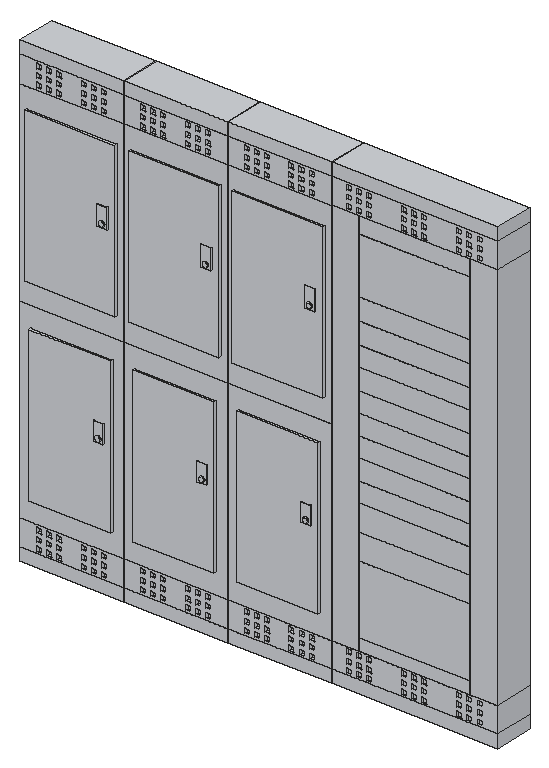
Revit family "Switchboard", category Generic Models, Revit 2025
Family settings
  Can host rebar = No
  Round Connector Dimension = Use Diameter
  Part Type = Normal
  Work Plane-Based = Yes
  Always vertical = Yes
  Cut with Voids When Loaded = No
  Maintain Annotation Orientation = Yes
  Shared = No
  Room Calculation Point = No
Parameters
  Width = 8' - 8"
  Default Elevation = 4' - 0"
Reference planes (in)
  plane 1 "Center (Front/Back)": y = 0
  plane 2: z = 0
  plane 3 "Center (Left/Right)": x = 0
  plane 4: x = -47.4375
  plane 5: x = 0
  plane 6: y = 0
  plane 7 "center": z = 46.25
  plane 8: x = 47.4375
Dimensions and locks (in)
  plane 5 to plane 4 = 3' - 11 7/16"
  plane 8 to plane 5 = 3' - 11 7/16"
  aligned and locked: level to plane 2
  aligned and locked: nested 1 to nested 2
  aligned and locked: nested 4 to nested 5
  aligned and locked: nested 5 to nested 6
  aligned and locked: nested 2 to nested 3
  aligned and locked: nested 3 to nested 7
  aligned and locked: nested 6 to nested 7
Nested families (in)
  nested 1: "Appliance Panel Top" at (-37.125, 0, 46.25), type "Standard"
  nested 2: "Appliance Panel Top" at (-16.5, 0, 46.25), type "Standard"
  nested 3: "Appliance Panel Top" at (4.125, 0, 46.25), type "Standard"
  nested 4: "Appliance Panel Bottom" at (-37.125, 0, 0), type "Standard"
  nested 5: "Appliance Panel Bottom" at (-16.5, 0, 0), type "Standard"
  nested 6: "Appliance Panel Bottom" at (4.125, 0, 0), type "Standard"
  nested 7: "Main Distribution Panel" at (30.9375, 0, 0), type "Standard"
Definition of nested family "Appliance Panel Top"
  Parameters (values of type "Standard")
    Width = 1' - 8 5/8"
    Panel Width = 1' - 6"
    Depth = 0' - 8"
    Default Elevation = 4' - 0"
  Reference planes (in)
    plane 1 "Center (Front/Back)": y = 0
    plane 2: z = 0
    plane 3 "Center (Left/Right)": x = 0
    plane 4: z = 38.75
    plane 5: z = 44
    plane 6: z = 46.5
    plane 7: x = -6.9375
  Forms (in)
    Extrusion 1, solid
      sketch origin (0, 0, 0) x (1, 0, 0) y (0, 1, 0)
        loop
          line (-10.3125, 4) -> (-10.3125, -4) -> (10.3125, -4) -> (10.3125, 4) -> (-10.3125, 4)
      from 0 to 38.75
    Extrusion 2, solid
      sketch origin (0, 0, 38.75) x (1, 0, 0) y (0, 1, 0)
        loop
          line (-10.3125, 4) -> (-10.3125, -4) -> (10.3125, -4) -> (10.3125, 4) -> (-10.3125, 4)
      from 0 to 5.25
    Extrusion 3, solid
      sketch origin (0, 0, 44) x (1, 0, 0) y (0, 1, 0)
        loop
          line (-10.3125, 4) -> (-10.3125, -4) -> (10.3125, -4) -> (10.3125, 4) -> (-10.3125, 4)
      from 0 to 2.5
    Extrusion 4, solid
      sketch origin (10.3125, -4, 38.75) x (-1, 0, 0) y (0, 0, -1)
        loop
          line (19.3125, 4) -> (19.3125, 34.5) -> (1.3125, 34.5) -> (1.3125, 4) -> (19.3125, 4)
      from 0 to 0.5
    Extrusion 5, solid
      sketch origin (10.3125, -4.5, 38.75) x (-1, 0, 0) y (0, 0, -1)
        loop
          line (4.8125, 15.5) -> (4.8125, 19.5) -> (2.8125, 19.5) -> (2.8125, 15.5) -> (4.8125, 15.5)
      from 0.16797 to 0
    Extrusion 6, solid
      sketch origin (10.3125, -4.66797, 38.75) x (-1, 0, 0) y (0, 0, -1)
        loop
          circle (3.8125, 18.75) r 0.5
      from 0 to 0.125
    Extrusion 7, void
      sketch origin (10.3125, -4, 38.75) x (1, 0, 0) y (0, 0, -1)
        loop
          line (-17.25, -4.83333) -> (-16.25, -4.83333) -> (-16.25, -3.83333) -> (-17.25, -3.83333) -> (-17.25, -4.83333)
        loop
          line (-17.25, -3.125) -> (-16.25, -3.125) -> (-16.25, -2.125) -> (-17.25, -2.125) -> (-17.25, -3.125)
        loop
          line (-17.25, -1.4375) -> (-16.25, -1.4375) -> (-16.25, -0.4375) -> (-17.25, -0.4375) -> (-17.25, -1.4375)
        loop
          line (-15.25, -4.83333) -> (-14.25, -4.83333) -> (-14.25, -3.83333) -> (-15.25, -3.83333) -> (-15.25, -4.83333)
        loop
          line (-15.25, -3.125) -> (-14.25, -3.125) -> (-14.25, -2.125) -> (-15.25, -2.125) -> (-15.25, -3.125)
        loop
          line (-15.25, -1.4375) -> (-14.25, -1.4375) -> (-14.25, -0.4375) -> (-15.25, -0.4375) -> (-15.25, -1.4375)
        loop
          line (-13.25, -4.83333) -> (-12.25, -4.83333) -> (-12.25, -3.83333) -> (-13.25, -3.83333) -> (-13.25, -4.83333)
        loop
          line (-13.25, -3.125) -> (-12.25, -3.125) -> (-12.25, -2.125) -> (-13.25, -2.125) -> (-13.25, -3.125)
        loop
          line (-13.25, -1.4375) -> (-12.25, -1.4375) -> (-12.25, -0.4375) -> (-13.25, -0.4375) -> (-13.25, -1.4375)
        loop
          line (-3.375, -4.83333) -> (-3.375, -3.83333) -> (-4.375, -3.83333) -> (-4.375, -4.83333) -> (-3.375, -4.83333)
        loop
          line (-3.375, -3.125) -> (-3.375, -2.125) -> (-4.375, -2.125) -> (-4.375, -3.125) -> (-3.375, -3.125)
        loop
          line (-3.375, -1.4375) -> (-3.375, -0.4375) -> (-4.375, -0.4375) -> (-4.375, -1.4375) -> (-3.375, -1.4375)
        loop
          line (-5.375, -4.83333) -> (-5.375, -3.83333) -> (-6.375, -3.83333) -> (-6.375, -4.83333) -> (-5.375, -4.83333)
        loop
          line (-5.375, -3.125) -> (-5.375, -2.125) -> (-6.375, -2.125) -> (-6.375, -3.125) -> (-5.375, -3.125)
        loop
          line (-5.375, -1.4375) -> (-5.375, -0.4375) -> (-6.375, -0.4375) -> (-6.375, -1.4375) -> (-5.375, -1.4375)
        loop
          line (-7.375, -4.83333) -> (-7.375, -3.83333) -> (-8.375, -3.83333) -> (-8.375, -4.83333) -> (-7.375, -4.83333)
        loop
          line (-7.375, -3.125) -> (-7.375, -2.125) -> (-8.375, -2.125) -> (-8.375, -3.125) -> (-7.375, -3.125)
        loop
          line (-7.375, -1.4375) -> (-7.375, -0.4375) -> (-8.375, -0.4375) -> (-8.375, -1.4375) -> (-7.375, -1.4375)
      from 0 to 0.5
  Cuts and joins
    Extrusion 7 cuts Extrusion 2
  Dimensions and locks (in)
    equal spacing: Extrusion 1 sketch curve, plane 3 "Center (Left/Right)", Extrusion 1 sketch curve
    equal spacing: Extrusion 1 sketch curve, plane 1 "Center (Front/Back)", Extrusion 1 sketch curve
    "Width": Extrusion 1 sketch curve to Extrusion 1 sketch curve
    "Depth": Extrusion 1 sketch curve to Extrusion 1 sketch curve
    plane 4 to plane 2 = 3' - 2 3/4"
    equal spacing: Extrusion 2 sketch curve, plane 3 "Center (Left/Right)", Extrusion 2 sketch curve
    equal spacing: Extrusion 2 sketch curve, plane 1 "Center (Front/Back)", Extrusion 2 sketch curve
    "Width": Extrusion 2 sketch curve to Extrusion 2 sketch curve
    "Depth": Extrusion 2 sketch curve to Extrusion 2 sketch curve
    plane 5 to plane 4 = 0' - 5 1/4"
    Extrusion 3 sketch curve to Extrusion 3 sketch curve = 1' - 8 5/8"
    equal spacing: Extrusion 3 sketch curve, plane 1 "Center (Front/Back)", Extrusion 3 sketch curve
    "Width": Extrusion 3 sketch curve to Extrusion 3 sketch curve
    "Depth": Extrusion 3 sketch curve to Extrusion 3 sketch curve
    plane 6 to plane 5 = 0' - 2 1/2"
    equal spacing: Extrusion 4 sketch curve, plane 3 "Center (Left/Right)", Extrusion 4 sketch curve
    "Panel Width": Extrusion 4 sketch curve to Extrusion 4 sketch curve
    Extrusion 4 sketch curve to plane 2 = 0' - 4 1/4"
    Extrusion 5 sketch curve to Extrusion 4 = 1' - 3"
    Extrusion 5 sketch curve to Extrusion 4 = 0' - 1 1/2"
    plane 4 to Extrusion 4 sketch curve = 0' - 4"
    aligned and locked: plane 2 to level
    aligned and locked: plane 4 to Extrusion 1
    aligned and locked: plane 5 to Extrusion 2
    aligned and locked: plane 6 to Extrusion 3
  Automatic sketch dimensions
    Extrusion 5 sketch curve to Extrusion 5 sketch curve = 0' - 2"
    Extrusion 5 sketch curve to Extrusion 5 sketch curve = 0' - 4"
    Extrusion 6 sketch curve to Extrusion 5 = 0' - 1"
    Extrusion 6 sketch curve to Extrusion 5 = 0' - 0 3/4"
    Extrusion 7 sketch curve to Extrusion 2 = 0' - 0.41667"  (x6)
    Extrusion 7 sketch curve to Extrusion 2 = 0' - 3 3/8"
    Extrusion 7 sketch curve to Extrusion 7 sketch curve = 0' - 0"  (x24)
    Extrusion 7 sketch curve to Extrusion 7 sketch curve = 0' - 1"  (x22)
    Extrusion 7 sketch curve to Extrusion 7 sketch curve = 0' - 3 7/8"
    Extrusion 7 sketch curve to Extrusion 2 = 0' - 0 7/16"  (x6)
    Extrusion 7 sketch curve to Extrusion 7 sketch curve = 0' - 0.70833"  (x6)
    Extrusion 7 sketch curve to Extrusion 7 sketch curve = 0' - 0 11/16"  (x6)
    Extrusion 2 sketch curve to Extrusion 1 = 0' - 0"
    Extrusion 3 sketch curve to Extrusion 2 = 0' - 0"  (x2)
    radius of Extrusion 6 sketch curve = 0' - 0 1/2"
Definition of nested family "Appliance Panel Bottom"
  Parameters (values of type "Standard")
    Width = 1' - 8 5/8"
    Panel Width = 1' - 6"
    Depth = 0' - 8"
    Default Elevation = 4' - 0"
  Reference planes (in)
    plane 1 "Center (Front/Back)": y = 0
    plane 2: z = 0
    plane 3 "Center (Left/Right)": x = 0
    plane 4: z = 2.5
    plane 5: z = 7.625
    plane 6: z = 46.25
    plane 7: x = -11.25
    plane 8: z = 5.91667
    plane 9: z = 4.20833
    plane 10: z = 5.0625
    plane 11: z = 6.77083
    plane 12: z = 3.35417
    plane 13: x = 6.6875
    plane 14: x = -6.9375
  Forms (in)
    Extrusion 1, solid
      sketch origin (0, 0, 0) x (1, 0, 0) y (0, 1, 0)
        loop
          line (-10.3125, 4) -> (-10.3125, -4) -> (10.3125, -4) -> (10.3125, 4) -> (-10.3125, 4)
      from 0 to 2.5
    Extrusion 2, solid
      sketch origin (0, 0, 2.5) x (1, 0, 0) y (0, 1, 0)
        loop
          line (-10.3125, 4) -> (-10.3125, -4) -> (10.3125, -4) -> (10.3125, 4) -> (-10.3125, 4)
      from 0 to 5.125
    Extrusion 3, solid
      sketch origin (0, 0, 7.625) x (1, 0, 0) y (0, 1, 0)
        loop
          line (-10.3125, 4) -> (-10.3125, -4) -> (10.3125, -4) -> (10.3125, 4) -> (-10.3125, 4)
      from 0 to 38.625
    Extrusion 4, void
      sketch origin (10.3125, -4, 2.5) x (1, 0, 0) y (0, 0, -1)
        loop
          line (-17.26175, -4.77083) -> (-16.26175, -4.77083) -> (-16.26175, -3.77083) -> (-17.26175, -3.77083) -> (-17.26175, -4.77083)
        loop
          line (-17.26175, -3.0625) -> (-16.26175, -3.0625) -> (-16.26175, -2.0625) -> (-17.26175, -2.0625) -> (-17.26175, -3.0625)
        loop
          line (-17.26175, -1.375) -> (-16.26175, -1.375) -> (-16.26175, -0.375) -> (-17.26175, -0.375) -> (-17.26175, -1.375)
        loop
          line (-15.26175, -4.77083) -> (-14.26175, -4.77083) -> (-14.26175, -3.77083) -> (-15.26175, -3.77083) -> (-15.26175, -4.77083)
        loop
          line (-15.26175, -3.0625) -> (-14.26175, -3.0625) -> (-14.26175, -2.0625) -> (-15.26175, -2.0625) -> (-15.26175, -3.0625)
        loop
          line (-15.26175, -1.375) -> (-14.26175, -1.375) -> (-14.26175, -0.375) -> (-15.26175, -0.375) -> (-15.26175, -1.375)
        loop
          line (-13.26175, -4.77083) -> (-12.26175, -4.77083) -> (-12.26175, -3.77083) -> (-13.26175, -3.77083) -> (-13.26175, -4.77083)
        loop
          line (-13.26175, -3.0625) -> (-12.26175, -3.0625) -> (-12.26175, -2.0625) -> (-13.26175, -2.0625) -> (-13.26175, -3.0625)
        loop
          line (-13.26175, -1.375) -> (-12.26175, -1.375) -> (-12.26175, -0.375) -> (-13.26175, -0.375) -> (-13.26175, -1.375)
        loop
          line (-3.36325, -4.77083) -> (-3.36325, -3.77083) -> (-4.36325, -3.77083) -> (-4.36325, -4.77083) -> (-3.36325, -4.77083)
        loop
          line (-3.36325, -3.0625) -> (-3.36325, -2.0625) -> (-4.36325, -2.0625) -> (-4.36325, -3.0625) -> (-3.36325, -3.0625)
        loop
          line (-3.36325, -1.375) -> (-3.36325, -0.375) -> (-4.36325, -0.375) -> (-4.36325, -1.375) -> (-3.36325, -1.375)
        loop
          line (-5.36325, -4.77083) -> (-5.36325, -3.77083) -> (-6.36325, -3.77083) -> (-6.36325, -4.77083) -> (-5.36325, -4.77083)
        loop
          line (-5.36325, -3.0625) -> (-5.36325, -2.0625) -> (-6.36325, -2.0625) -> (-6.36325, -3.0625) -> (-5.36325, -3.0625)
        loop
          line (-5.36325, -1.375) -> (-5.36325, -0.375) -> (-6.36325, -0.375) -> (-6.36325, -1.375) -> (-5.36325, -1.375)
        loop
          line (-7.36325, -4.77083) -> (-7.36325, -3.77083) -> (-8.36325, -3.77083) -> (-8.36325, -4.77083) -> (-7.36325, -4.77083)
        loop
          line (-7.36325, -3.0625) -> (-7.36325, -2.0625) -> (-8.36325, -2.0625) -> (-8.36325, -3.0625) -> (-7.36325, -3.0625)
        loop
          line (-7.36325, -1.375) -> (-7.36325, -0.375) -> (-8.36325, -0.375) -> (-8.36325, -1.375) -> (-7.36325, -1.375)
      from 0 to 0.5
    Extrusion 5, solid
      sketch origin (10.3125, -4, 7.625) x (-1, 0, 0) y (0, 0, -1)
        loop
          line (18.375, -34.625) -> (18.375, -4.125) -> (2.25, -4.125) -> (2.25, -34.625) -> (18.375, -34.625)
      from 0 to 0.5
    Extrusion 6, solid
      sketch origin (10.4375, -4.5, 7.625) x (-1, 0, 0) y (0, 0, -1)
        loop
          line (5.625, -23) -> (5.625, -19.375) -> (3.75, -19.375) -> (3.75, -23) -> (5.625, -23)
      from 0.16797 to 0
    Extrusion 7, solid
      sketch origin (10.4375, -4.66797, 7.625) x (-1, 0, 0) y (0, 0, -1)
        loop
          circle (4.6875, -20.125) r 0.5
      from 0 to 0.125
    Extrusion 8, solid, not visible
      sketch origin (11.25, -4.75, 56.5) x (-1, 0, 0) y (0, 0, -1)
        loop
          line (20.25, 10.25) -> (20.25, 43.5) -> (2.25, 43.5) -> (2.25, 10.25) -> (20.25, 10.25)
      from 0 to 0.5
    Extrusion 9, solid, not visible
      sketch origin (11.25, -5.25, 56.5) x (-1, 0, 0) y (0, 0, -1)
        loop
          line (5.75, 24.25) -> (5.75, 28.25) -> (3.75, 28.25) -> (3.75, 24.25) -> (5.75, 24.25)
      from 0.16797 to 0
    Extrusion 10, solid, not visible
      sketch origin (11.25, -5.41797, 56.5) x (-1, 0, 0) y (0, 0, -1)
        loop
          circle (4.75, 27.5) r 0.5
      from 0 to 0.125
  Cuts and joins
    Extrusion 4 cuts Extrusion 2
  Dimensions and locks (in)
    equal spacing: Extrusion 1 sketch curve, plane 3 "Center (Left/Right)", Extrusion 1 sketch curve
    "Width": Extrusion 1 sketch curve to Extrusion 1 sketch curve
    plane 4 to plane 2 = 0' - 2 1/2"
    equal spacing: Extrusion 2 sketch curve, plane 3 "Center (Left/Right)", Extrusion 2 sketch curve
    equal spacing: Extrusion 2 sketch curve, plane 1 "Center (Front/Back)", Extrusion 2 sketch curve
    "Width": Extrusion 2 sketch curve to Extrusion 2 sketch curve
    "Depth": Extrusion 2 sketch curve to Extrusion 2 sketch curve
    plane 5 to plane 4 = 0' - 5 1/8"
    equal spacing: Extrusion 3 sketch curve, plane 3 "Center (Left/Right)", Extrusion 3 sketch curve
    "Width": Extrusion 3 sketch curve to Extrusion 3 sketch curve
    plane 6 to plane 5 = 3' - 2 5/8"
    Extrusion 6 sketch curve to Extrusion 5 = 1' - 3 1/4"
    Extrusion 6 sketch curve to Extrusion 5 = 0' - 1 3/8"
    Extrusion 9 sketch curve to Extrusion 8 = 1' - 3 1/4"
    Extrusion 9 sketch curve to Extrusion 8 = 0' - 1 1/2"
    Extrusion 5 to plane 5 = 0' - 4 1/8"
    equal spacing: cut or joined group of Extrusion 2, Extrusion 4, plane 11, plane 8, plane 10, plane 9, plane 12, cut or joined group of Extrusion 2, Extrusion 4
    Extrusion 5 to Extrusion 6 = 0' - 1 3/8"
    Extrusion 6 sketch curve to Extrusion 6 sketch curve = 0' - 1 7/8"
    equal spacing: Extrusion 3 sketch curve, plane 1 "Center (Front/Back)", Extrusion 3 sketch curve
    "Depth": Extrusion 3 sketch curve to Extrusion 3 sketch curve
    equal spacing: Extrusion 1 sketch curve, plane 1 "Center (Front/Back)", Extrusion 1 sketch curve
    "Depth": Extrusion 1 sketch curve to Extrusion 1 sketch curve
    plane 14 to Extrusion 3 = 0' - 3 3/8"
    plane 6 to Extrusion 5 sketch curve = 0' - 4"
    aligned and locked: plane 2 to level
    aligned and locked: plane 4 to Extrusion 1
    aligned and locked: plane 5 to Extrusion 2
    aligned and locked: plane 6 to Extrusion 3
  Automatic sketch dimensions
    Extrusion 9 sketch curve to Extrusion 9 sketch curve = 0' - 2"
    Extrusion 9 sketch curve to Extrusion 9 sketch curve = 0' - 4"
    Extrusion 10 sketch curve to Extrusion 9 = 0' - 1"
    Extrusion 10 sketch curve to Extrusion 9 = 0' - 0 3/4"
    Extrusion 8 sketch curve to Extrusion 8 sketch curve = 1' - 6"
    Extrusion 8 sketch curve to Extrusion 8 sketch curve = 2' - 9 1/4"
    Extrusion 5 sketch curve to Extrusion 3 = 0' - 2 1/4"
    Extrusion 3 to Extrusion 5 sketch curve = 0' - 2 1/4"
    Extrusion 3 to Extrusion 5 sketch curve = 0' - 4 1/8"
    Extrusion 6 sketch curve to Extrusion 6 sketch curve = 0' - 3 5/8"
    Extrusion 7 sketch curve to Extrusion 6 = 0' - 0 15/16"
    Extrusion 7 sketch curve to Extrusion 6 = 0' - 0 3/4"
    Extrusion 4 sketch curve to Extrusion 2 = 0' - 0.35417"  (x6)
    Extrusion 4 sketch curve to Extrusion 2 = 0' - 3.36325"
    Extrusion 4 sketch curve to Extrusion 4 sketch curve = 0' - 0"  (x24)
    Extrusion 4 sketch curve to Extrusion 4 sketch curve = 0' - 1"  (x22)
    Extrusion 4 sketch curve to Extrusion 4 sketch curve = 0' - 3.89849"
    Extrusion 4 sketch curve to Extrusion 2 = 0' - 0 3/8"  (x6)
    Extrusion 4 sketch curve to Extrusion 4 sketch curve = 0' - 0.70833"  (x6)
    Extrusion 4 sketch curve to Extrusion 4 sketch curve = 0' - 0 11/16"  (x6)
    Extrusion 2 sketch curve to Extrusion 1 = 0' - 0"
    Extrusion 3 sketch curve to Extrusion 2 = 0' - 0"
    radius of Extrusion 10 sketch curve = 0' - 0 1/2"
    radius of Extrusion 7 sketch curve = 0' - 0 1/2"
Definition of nested family "Main Distribution Panel"
  Parameters (values of type "Standard")
    Width = 2' - 9"
    Deoth = 0' - 8"
    Default Elevation = 0' - 0"
  Reference planes (in)
    plane 1 "Center (Front/Back)": y = 0
    plane 2: z = 0
    plane 3 "Center (Left/Right)": x = 0
    plane 4: z = 2.5
    plane 5: z = 7.625
    plane 6: z = 85.125
    plane 7: z = 101.5
    plane 8: x = -11
    plane 9: x = 11
    plane 10: z = 5.0625
  Forms (in)
    Extrusion 1, solid
      sketch origin (0, 0, 0) x (1, 0, 0) y (0, 1, 0)
        loop
          line (-16.5, 4) -> (-16.5, -4) -> (16.5, -4) -> (16.5, 4) -> (-16.5, 4)
      from 0 to 2.5
    Extrusion 2, solid
      sketch origin (0, 0, 2.5) x (1, 0, 0) y (0, 1, 0)
        loop
          line (-16.5, 4) -> (-16.5, -4) -> (16.5, -4) -> (16.5, 4) -> (-16.5, 4)
      from 0 to 5.125
    Extrusion 3, solid
      sketch origin (0, 0, 7.625) x (1, 0, 0) y (0, 1, 0)
        loop
          line (-16.5, 4) -> (-16.5, -4) -> (-11, -4) -> (-11, 4) -> (-16.5, 4)
        loop
          line (16.5, 4) -> (11, 4) -> (11, -4) -> (16.5, -4) -> (16.5, 4)
      from 0 to 77.5
    Extrusion 4, solid
      sketch origin (0, 0, 7.625) x (1, 0, 0) y (0, 1, 0)
        loop
          line (-11, 4) -> (-11, -4) -> (11, -4) -> (11, 4) -> (-11, 4)
      from 0 to 2.375
    Extrusion 5, solid
      sketch origin (0, 0, 10) x (1, 0, 0) y (0, 1, 0)
        loop
          line (-11, 4) -> (-11, -4) -> (11, -4) -> (11, 4) -> (-11, 4)
      from 0 to 13.75
    Extrusion 6, solid
      sketch origin (0, 0, 23.75) x (1, 0, 0) y (0, 1, 0)
        loop
          line (-11, 4) -> (-11, -4) -> (11, -4) -> (11, 4) -> (-11, 4)
      from 0 to 5.125
    Extrusion 7, solid
      sketch origin (0, 0, 28.875) x (1, 0, 0) y (0, 1, 0)
        loop
          line (-11, 4) -> (-11, -4) -> (11, -4) -> (11, 4) -> (-11, 4)
      from 0 to 5.125
    Extrusion 8, solid
      sketch origin (0, 0, 34) x (1, 0, 0) y (0, 1, 0)
        loop
          line (-11, 4) -> (-11, -4) -> (11, -4) -> (11, 4) -> (-11, 4)
      from 0 to 4
    Extrusion 9, solid
      sketch origin (0, 0, 38) x (1, 0, 0) y (0, 1, 0)
        loop
          line (-11, 4) -> (-11, -4) -> (11, -4) -> (11, 4) -> (-11, 4)
      from 0 to 4
    Extrusion 10, solid
      sketch origin (0, 0, 42) x (1, 0, 0) y (0, 1, 0)
        loop
          line (-11, 4) -> (-11, -4) -> (11, -4) -> (11, 4) -> (-11, 4)
      from 0 to 4
    Extrusion 11, solid
      sketch origin (0, 0, 46) x (1, 0, 0) y (0, 1, 0)
        loop
          line (-11, 4) -> (-11, -4) -> (11, -4) -> (11, 4) -> (-11, 4)
      from 0 to 4
    Extrusion 12, solid
      sketch origin (0, 0, 50) x (1, 0, 0) y (0, 1, 0)
        loop
          line (-11, 4) -> (-11, -4) -> (11, -4) -> (11, 4) -> (-11, 4)
      from 0 to 4
    Extrusion 13, solid
      sketch origin (0, 0, 54) x (1, 0, 0) y (0, 1, 0)
        loop
          line (-11, 4) -> (-11, -4) -> (11, -4) -> (11, 4) -> (-11, 4)
      from 0 to 4.25
    Extrusion 14, solid
      sketch origin (0, 0, 58.25) x (1, 0, 0) y (0, 1, 0)
        loop
          line (-11, 4) -> (-11, -4) -> (11, -4) -> (11, 4) -> (-11, 4)
      from 0 to 4
    Extrusion 15, solid
      sketch origin (0, 0, 62.25) x (1, 0, 0) y (0, 1, 0)
        loop
          line (-11, 4) -> (-11, -4) -> (11, -4) -> (11, 4) -> (-11, 4)
      from 0 to 4.25
    Extrusion 16, solid
      sketch origin (0, 0, 66.5) x (1, 0, 0) y (0, 1, 0)
        loop
          line (-11, 4) -> (-11, -4) -> (11, -4) -> (11, 4) -> (-11, 4)
      from 0 to 4.25
    Extrusion 17, solid
      sketch origin (0, 0, 70.75) x (1, 0, 0) y (0, 1, 0)
        loop
          line (-11, 4) -> (-11, -4) -> (11, -4) -> (11, 4) -> (-11, 4)
      from 0 to 11.25
    Extrusion 18, solid
      sketch origin (0, 0, 90.25) x (1, 0, 0) y (0, 1, 0)
        loop
          line (-16.5, 4) -> (-16.5, -4) -> (16.5, -4) -> (16.5, 4) -> (-16.5, 4)
      from 0 to 2.5
    Extrusion 19, solid
      sketch origin (0, 0, 85.125) x (1, 0, 0) y (0, 1, 0)
        loop
          line (-16.5, 4) -> (-16.5, -4) -> (16.5, -4) -> (16.5, 4) -> (-16.5, 4)
      from 0 to 5.125
    Extrusion 20, void
      sketch origin (16.5, -4, 85.125) x (1, 0, 0) y (0, 0, -1)
        loop
          line (-25, -4.77083) -> (-25, -3.77083) -> (-26, -3.77083) -> (-26, -4.77083) -> (-25, -4.77083)
        loop
          line (-25, -3.0625) -> (-25, -2.0625) -> (-26, -2.0625) -> (-26, -3.0625) -> (-25, -3.0625)
        loop
          line (-25, -1.375) -> (-25, -0.375) -> (-26, -0.375) -> (-26, -1.375) -> (-25, -1.375)
        loop
          line (-27, -4.77083) -> (-27, -3.77083) -> (-28, -3.77083) -> (-28, -4.77083) -> (-27, -4.77083)
        loop
          line (-27, -3.0625) -> (-27, -2.0625) -> (-28, -2.0625) -> (-28, -3.0625) -> (-27, -3.0625)
        loop
          line (-27, -1.375) -> (-27, -0.375) -> (-28, -0.375) -> (-28, -1.375) -> (-27, -1.375)
        loop
          line (-29, -4.77083) -> (-29, -3.77083) -> (-30, -3.77083) -> (-30, -4.77083) -> (-29, -4.77083)
        loop
          line (-29, -3.0625) -> (-29, -2.0625) -> (-30, -2.0625) -> (-30, -3.0625) -> (-29, -3.0625)
        loop
          line (-29, -1.375) -> (-29, -0.375) -> (-30, -0.375) -> (-30, -1.375) -> (-29, -1.375)
        loop
          line (-14, -4.77083) -> (-14, -3.77083) -> (-15, -3.77083) -> (-15, -4.77083) -> (-14, -4.77083)
        loop
          line (-14, -3.0625) -> (-14, -2.0625) -> (-15, -2.0625) -> (-15, -3.0625) -> (-14, -3.0625)
        loop
          line (-14, -1.375) -> (-14, -0.375) -> (-15, -0.375) -> (-15, -1.375) -> (-14, -1.375)
        loop
          line (-16, -4.77083) -> (-16, -3.77083) -> (-17, -3.77083) -> (-17, -4.77083) -> (-16, -4.77083)
        loop
          line (-16, -3.0625) -> (-16, -2.0625) -> (-17, -2.0625) -> (-17, -3.0625) -> (-16, -3.0625)
        loop
          line (-16, -1.375) -> (-16, -0.375) -> (-17, -0.375) -> (-17, -1.375) -> (-16, -1.375)
        loop
          line (-18, -4.77083) -> (-18, -3.77083) -> (-19, -3.77083) -> (-19, -4.77083) -> (-18, -4.77083)
        loop
          line (-18, -3.0625) -> (-18, -2.0625) -> (-19, -2.0625) -> (-19, -3.0625) -> (-18, -3.0625)
        loop
          line (-18, -1.375) -> (-18, -0.375) -> (-19, -0.375) -> (-19, -1.375) -> (-18, -1.375)
        loop
          line (-3, -4.77083) -> (-3, -3.77083) -> (-4, -3.77083) -> (-4, -4.77083) -> (-3, -4.77083)
        loop
          line (-3, -3.0625) -> (-3, -2.0625) -> (-4, -2.0625) -> (-4, -3.0625) -> (-3, -3.0625)
        loop
          line (-3, -1.375) -> (-3, -0.375) -> (-4, -0.375) -> (-4, -1.375) -> (-3, -1.375)
        loop
          line (-5, -4.77083) -> (-5, -3.77083) -> (-6, -3.77083) -> (-6, -4.77083) -> (-5, -4.77083)
        loop
          line (-5, -3.0625) -> (-5, -2.0625) -> (-6, -2.0625) -> (-6, -3.0625) -> (-5, -3.0625)
        loop
          line (-5, -1.375) -> (-5, -0.375) -> (-6, -0.375) -> (-6, -1.375) -> (-5, -1.375)
        loop
          line (-7, -4.77083) -> (-7, -3.77083) -> (-8, -3.77083) -> (-8, -4.77083) -> (-7, -4.77083)
        loop
          line (-7, -3.0625) -> (-7, -2.0625) -> (-8, -2.0625) -> (-8, -3.0625) -> (-7, -3.0625)
        loop
          line (-7, -1.375) -> (-7, -0.375) -> (-8, -0.375) -> (-8, -1.375) -> (-7, -1.375)
        loop
          line (-25, 77.85417) -> (-25, 78.85417) -> (-26, 78.85417) -> (-26, 77.85417) -> (-25, 77.85417)
        loop
          line (-25, 79.5625) -> (-25, 80.5625) -> (-26, 80.5625) -> (-26, 79.5625) -> (-25, 79.5625)
        loop
          line (-25, 81.25) -> (-25, 82.25) -> (-26, 82.25) -> (-26, 81.25) -> (-25, 81.25)
        loop
          line (-27, 77.85417) -> (-27, 78.85417) -> (-28, 78.85417) -> (-28, 77.85417) -> (-27, 77.85417)
        loop
          line (-27, 79.5625) -> (-27, 80.5625) -> (-28, 80.5625) -> (-28, 79.5625) -> (-27, 79.5625)
        loop
          line (-27, 81.25) -> (-27, 82.25) -> (-28, 82.25) -> (-28, 81.25) -> (-27, 81.25)
        loop
          line (-29, 77.85417) -> (-29, 78.85417) -> (-30, 78.85417) -> (-30, 77.85417) -> (-29, 77.85417)
        loop
          line (-29, 79.5625) -> (-29, 80.5625) -> (-30, 80.5625) -> (-30, 79.5625) -> (-29, 79.5625)
        loop
          line (-29, 81.25) -> (-29, 82.25) -> (-30, 82.25) -> (-30, 81.25) -> (-29, 81.25)
        loop
          line (-14, 77.85417) -> (-14, 78.85417) -> (-15, 78.85417) -> (-15, 77.85417) -> (-14, 77.85417)
        loop
          line (-14, 79.5625) -> (-14, 80.5625) -> (-15, 80.5625) -> (-15, 79.5625) -> (-14, 79.5625)
        loop
          line (-14, 81.25) -> (-14, 82.25) -> (-15, 82.25) -> (-15, 81.25) -> (-14, 81.25)
        loop
          line (-16, 77.85417) -> (-16, 78.85417) -> (-17, 78.85417) -> (-17, 77.85417) -> (-16, 77.85417)
        loop
          line (-16, 79.5625) -> (-16, 80.5625) -> (-17, 80.5625) -> (-17, 79.5625) -> (-16, 79.5625)
        loop
          line (-16, 81.25) -> (-16, 82.25) -> (-17, 82.25) -> (-17, 81.25) -> (-16, 81.25)
        loop
          line (-18, 77.85417) -> (-18, 78.85417) -> (-19, 78.85417) -> (-19, 77.85417) -> (-18, 77.85417)
        loop
          line (-18, 79.5625) -> (-18, 80.5625) -> (-19, 80.5625) -> (-19, 79.5625) -> (-18, 79.5625)
        loop
          line (-18, 81.25) -> (-18, 82.25) -> (-19, 82.25) -> (-19, 81.25) -> (-18, 81.25)
        loop
          line (-3, 77.85417) -> (-3, 78.85417) -> (-4, 78.85417) -> (-4, 77.85417) -> (-3, 77.85417)
        loop
          line (-3, 79.5625) -> (-3, 80.5625) -> (-4, 80.5625) -> (-4, 79.5625) -> (-3, 79.5625)
        loop
          line (-3, 81.25) -> (-3, 82.25) -> (-4, 82.25) -> (-4, 81.25) -> (-3, 81.25)
        loop
          line (-5, 77.85417) -> (-5, 78.85417) -> (-6, 78.85417) -> (-6, 77.85417) -> (-5, 77.85417)
        loop
          line (-5, 79.5625) -> (-5, 80.5625) -> (-6, 80.5625) -> (-6, 79.5625) -> (-5, 79.5625)
        loop
          line (-5, 81.25) -> (-5, 82.25) -> (-6, 82.25) -> (-6, 81.25) -> (-5, 81.25)
        loop
          line (-7, 77.85417) -> (-7, 78.85417) -> (-8, 78.85417) -> (-8, 77.85417) -> (-7, 77.85417)
        loop
          line (-7, 79.5625) -> (-7, 80.5625) -> (-8, 80.5625) -> (-8, 79.5625) -> (-7, 79.5625)
        loop
          line (-7, 81.25) -> (-7, 82.25) -> (-8, 82.25) -> (-8, 81.25) -> (-7, 81.25)
      from 0 to 0.25
    Extrusion 21, solid
      sketch origin (0, 0, 82) x (1, 0, 0) y (0, 1, 0)
        loop
          line (-11, 4) -> (-11, -4) -> (11, -4) -> (11, 4) -> (-11, 4)
      from 0 to 3.125
  Cuts and joins
    Extrusion 20 cuts Extrusion 2
    Extrusion 20 cuts Extrusion 19
  Dimensions and locks (in)
    equal spacing: Extrusion 1 sketch curve, plane 1 "Center (Front/Back)", Extrusion 1 sketch curve
    "Deoth": Extrusion 1 sketch curve to Extrusion 1 sketch curve
    equal spacing: Extrusion 1 sketch curve, plane 3 "Center (Left/Right)", Extrusion 1 sketch curve
    "Width": Extrusion 1 sketch curve to Extrusion 1 sketch curve
    plane 4 to plane 2 = 0' - 2 1/2"
    Extrusion 2 sketch curve to Extrusion 2 sketch curve = 0' - 8"
    "Deoth": Extrusion 2 sketch curve to Extrusion 2 sketch curve
    equal spacing: Extrusion 2 sketch curve, plane 3 "Center (Left/Right)", Extrusion 2 sketch curve
    "Width": Extrusion 2 sketch curve to Extrusion 2 sketch curve
    plane 5 to plane 4 = 0' - 5 1/8"
    plane 6 to plane 5 = 6' - 5 1/2"
    Extrusion 4 sketch curve to Extrusion 4 sketch curve = 0' - 8"
    "Deoth": Extrusion 4 sketch curve to Extrusion 4 sketch curve
    Extrusion 5 sketch curve to Extrusion 5 sketch curve = 0' - 8"
    "Deoth": Extrusion 5 sketch curve to Extrusion 5 sketch curve
    Extrusion 6 sketch curve to Extrusion 6 sketch curve = 0' - 8"
    "Deoth": Extrusion 6 sketch curve to Extrusion 6 sketch curve
    Extrusion 7 sketch curve to Extrusion 7 sketch curve = 0' - 8"
    "Deoth": Extrusion 7 sketch curve to Extrusion 7 sketch curve
    Extrusion 8 sketch curve to Extrusion 8 sketch curve = 0' - 8"
    "Deoth": Extrusion 8 sketch curve to Extrusion 8 sketch curve
    Extrusion 9 sketch curve to Extrusion 9 sketch curve = 0' - 8"
    "Deoth": Extrusion 9 sketch curve to Extrusion 9 sketch curve
    Extrusion 10 sketch curve to Extrusion 10 sketch curve = 0' - 8"
    "Deoth": Extrusion 10 sketch curve to Extrusion 10 sketch curve
    Extrusion 11 sketch curve to Extrusion 11 sketch curve = 0' - 8"
    "Deoth": Extrusion 11 sketch curve to Extrusion 11 sketch curve
    Extrusion 12 sketch curve to Extrusion 12 sketch curve = 0' - 8"
    "Deoth": Extrusion 12 sketch curve to Extrusion 12 sketch curve
    Extrusion 15 to Extrusion 15 to Extrusion 13 to Extrusion 12 to Extrusion 12 to Extrusion 11 to Extrusion 10 to Extrusion 9 to Extrusion 8 to Extrusion 7 to Extrusion 6 = 0' - 4 1/4", 0' - 4", 0' - 4 1/4", 0' - 4", 0' - 4", 0' - 4", 0' - 4", 0' - 4", 0' - 5 1/8", 0' - 5 1/8"
    Extrusion 13 sketch curve to Extrusion 13 sketch curve = 0' - 8"
    "Deoth": Extrusion 13 sketch curve to Extrusion 13 sketch curve
    Extrusion 14 sketch curve to Extrusion 14 sketch curve = 0' - 8"
    "Deoth": Extrusion 14 sketch curve to Extrusion 14 sketch curve
    Extrusion 15 sketch curve to Extrusion 15 sketch curve = 0' - 8"
    "Deoth": Extrusion 15 sketch curve to Extrusion 15 sketch curve
    Extrusion 16 sketch curve to Extrusion 16 sketch curve = 0' - 8"
    "Deoth": Extrusion 16 sketch curve to Extrusion 16 sketch curve
    Extrusion 17 sketch curve to Extrusion 17 sketch curve = 0' - 8"
    "Deoth": Extrusion 17 sketch curve to Extrusion 17 sketch curve
    plane 7 to plane 2 = 8' - 5 1/2"
    Extrusion 18 sketch curve to Extrusion 18 sketch curve = 0' - 8"
    "Deoth": Extrusion 18 sketch curve to Extrusion 18 sketch curve
    "Width": Extrusion 18 sketch curve to Extrusion 18 sketch curve
    equal spacing: Extrusion 18 sketch curve, plane 3 "Center (Left/Right)", Extrusion 18 sketch curve
    Extrusion 19 sketch curve to Extrusion 19 sketch curve = 0' - 8"
    "Deoth": Extrusion 19 sketch curve to Extrusion 19 sketch curve
    "Width": Extrusion 19 sketch curve to Extrusion 19 sketch curve
    equal spacing: Extrusion 19 sketch curve, plane 3 "Center (Left/Right)", Extrusion 19 sketch curve
    Extrusion 6 to Extrusion 5 = 1' - 1 3/4"
    Extrusion 21 sketch curve to Extrusion 21 sketch curve = 0' - 8"
    "Deoth": Extrusion 21 sketch curve to Extrusion 21 sketch curve
    equal spacing: Extrusion 3 sketch curve, plane 1 "Center (Front/Back)", Extrusion 3 sketch curve  (x2)
    "Deoth": Extrusion 3 sketch curve to Extrusion 3 sketch curve  (x2)
    equal spacing: Extrusion 3 sketch curve, plane 3 "Center (Left/Right)", Extrusion 3 sketch curve  (x2)
    "Width": Extrusion 3 sketch curve to Extrusion 3 sketch curve
    Extrusion 3 sketch curve to Extrusion 3 sketch curve = 0' - 5 1/2"  (x2)
    Extrusion 4 sketch curve to Extrusion 4 sketch curve = 1' - 10"
    aligned and locked: plane 2 to level
    aligned and locked: plane 4 to Extrusion 1
    aligned and locked: plane 5 to Extrusion 2
    aligned and locked: plane 6 to Extrusion 3
    aligned and locked: plane 6 to Extrusion 21
    aligned and locked: plane 9 to Extrusion 4 sketch curve
  Automatic sketch dimensions
    Extrusion 20 sketch curve to Extrusion 19 = 0' - 0 3/8"  (x9)
    Extrusion 20 sketch curve to Extrusion 19 = 0' - 3"  (x2)
    Extrusion 20 sketch curve to Extrusion 20 sketch curve = 0' - 0"  (x79)
    Extrusion 20 sketch curve to Extrusion 20 sketch curve = 0' - 1"  (x76)
    Extrusion 20 sketch curve to Extrusion 19 = 0' - 0.35417"  (x9)
    Extrusion 20 sketch curve to Extrusion 20 sketch curve = 0' - 6"  (x4)
    Extrusion 20 sketch curve to Extrusion 20 sketch curve = 0' - 0.70833"  (x18)
    Extrusion 20 sketch curve to Extrusion 20 sketch curve = 0' - 0 11/16"  (x18)
    Extrusion 19 to Extrusion 20 sketch curve = 6' - 5.85417"
    Extrusion 2 sketch curve to Extrusion 1 = 0' - 0"  (x2)
    Extrusion 2 to Extrusion 4 sketch curve = 0' - 0"
    Extrusion 5 sketch curve to Extrusion 4 = 0' - 0"  (x2)
    Extrusion 4 to Extrusion 5 sketch curve = 0' - 0"
    Extrusion 6 sketch curve to Extrusion 5 = 0' - 0"  (x2)
    Extrusion 5 to Extrusion 6 sketch curve = 0' - 0"
    Extrusion 7 sketch curve to Extrusion 6 = 0' - 0"  (x2)
    Extrusion 6 to Extrusion 7 sketch curve = 0' - 0"
    Extrusion 8 sketch curve to Extrusion 7 = 0' - 0"  (x2)
    Extrusion 7 to Extrusion 8 sketch curve = 0' - 0"
    Extrusion 9 sketch curve to Extrusion 8 = 0' - 0"  (x2)
    Extrusion 8 to Extrusion 9 sketch curve = 0' - 0"
    Extrusion 10 sketch curve to Extrusion 9 = 0' - 0"  (x2)
    Extrusion 9 to Extrusion 10 sketch curve = 0' - 0"
    Extrusion 11 sketch curve to Extrusion 10 = 0' - 0"  (x2)
    Extrusion 10 to Extrusion 11 sketch curve = 0' - 0"
    Extrusion 12 sketch curve to Extrusion 11 = 0' - 0"  (x2)
    Extrusion 11 to Extrusion 12 sketch curve = 0' - 0"
    Extrusion 13 sketch curve to Extrusion 12 = 0' - 0"  (x2)
    Extrusion 12 to Extrusion 13 sketch curve = 0' - 0"
    Extrusion 14 sketch curve to Extrusion 13 = 0' - 0"  (x2)
    Extrusion 13 to Extrusion 14 sketch curve = 0' - 0"
    Extrusion 15 sketch curve to Extrusion 14 = 0' - 0"  (x2)
    Extrusion 14 to Extrusion 15 sketch curve = 0' - 0"
    Extrusion 16 sketch curve to Extrusion 15 = 0' - 0"  (x2)
    Extrusion 15 to Extrusion 16 sketch curve = 0' - 0"
    Extrusion 17 sketch curve to Extrusion 16 = 0' - 0"  (x2)
    Extrusion 16 to Extrusion 17 sketch curve = 0' - 0"
    Extrusion 18 sketch curve to Extrusion 19 = 0' - 0"
    Extrusion 19 sketch curve to Extrusion 3 = 0' - 0"
    Extrusion 21 sketch curve to Extrusion 17 = 0' - 0"  (x2)
    Extrusion 17 to Extrusion 21 sketch curve = 0' - 0"
